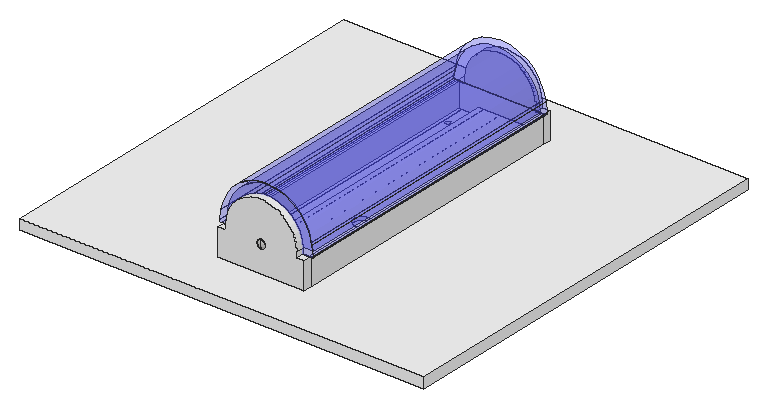
Revit family "BE_50222.1_de_DE", category Leuchten, Revit 2020
Family settings
  Basisbauteil = Fläche
  Bemaßung runder Anschluss = Durchmesser verwenden
  Teiletyp = Normal
  Beim Laden mit Abzugskörper schneiden = Ja
  Lichtquelle = Ja
  Gemeinsam genutzt = Nein
  Raumberechnungspunkt = Ja
Parameters (values of type "BEGA_50222.1_K27")
  built-in parameter 1150104 = 13.146 (stored number, unit not read)
  Wattage = 5.9 W
  Default Elevation = 0 mm
  built-in parameter 1150113 = 1 (stored number, unit not read)
  built-in parameter 1114218 = 1 (stored number, unit not read)
  Umgebungstemperatur = "25 °C"
  URL = "https://www.bega.com/de/produkt/50222.1"
  Typenkommentare = "© 2022 BEGA. Wir behalten uns das Recht vor, technische Änderungen ohne vorherige Ankündigung vorzunehmen."  # constant formula
  built-in parameter 1150134 = 12
  built-in parameter 1150109 = 1 (stored number, unit not read)
  Strom = ""
  built-in parameter 1150110 = 1 (stored number, unit not read)
  Spannung = 239.996 V
  Sonderanfertigung = no
  Seriennummer [instance] = "Hier können Sie die eindeutige Seriennummer für das Facility Management eintragen."
  Schutzklasse = "I"
  Schutzart = "IP 20"
  Scheinlast = 0 VA
  Produktdatenblatt = "https://cdn.bega.com/bega/products/50222.1K27/current/documents/data-sheets/de"
  Oberflächentemperatur = ""
  Neigungswinkel = 0.00°
  Modell = "50222.1K27"
  Material_17 = BEGA_Reflektor
  Material_15 = BEGA_Leuchtmedium_matt
  Material_14 = BEGA_Kunststoff_opal
  Material_11 = BEGA_Glas_opal
  Material_09 = BEGA_Glas_klar
  Material_06 = BEGA_Oberfläche_Edelstahl_gebürstet
  Material_05 = BEGA_Oberfläche_Aluminium Guss
  Material_03 = BEGA_Oberfläche_Weiss_matt
  Material_02 = BEGA_Oberfläche_Silber_matt
  Material_01 [instance] = BEGA_Oberfläche_Grafit_matt
  M_W = no
  M_G = no
  M_A = no
  Logo = 0
  built-in parameter 1114217 = 1 (stored number, unit not read)
  built-in parameter 1150139 = (empty or 0)
  built-in parameter 1150105 = 66.435 (stored number, unit not read)
  built-in parameter 1150114 = 1 (stored number, unit not read)
  Lumens = 834.85 lm
  built-in parameter 1150115 = 1 (stored number, unit not read)
  Leuchtenlichtstrom = "676 lm"
  Leuchtenanzahl = ""
  Lebensdauerkriterien = "L70B50 @ 25 °C = 200000 h"
  Lastklassifizierung = Beleuchtung
  built-in parameter 1150112 = 1 (stored number, unit not read)
  Lampenlichtstrom = "935 lm"
  Lampe = "LED 5.8 W"
  LED_Modulbezeichnung = "LED-0572/927"
  Hersteller = "BEGA"  # constant formula
  Halbstreuwinkel = ""
  Gewicht = "0.85 kg"
  Gebrauchslageneinschränkung [instance] = ""
  Frequenz = "0/50-60 Hz"
  Farbwiedergabeindex = "CRI > 90"
  Farbtemperaturverschiebung bei Dämpfen der Lampe = <Keine Auswahl>
  Farbtemperatur = "2700 K"
  Color Filter = 16777215
  built-in parameter 1150133 = 10 (stored number, unit not read)
  Energieeffizienzklasse = "LED A++ - A"
  built-in parameter 1150137 = (empty or 0)
  built-in parameter 1150132 = (empty or 0)
  ENEC = "ja"
  Dimmbar [instance] = "on/off"
  Datei für fotometrisches Netz = "BE_50222.1K27.IES"
  CE_Konformität = "ja"
  Bestellnummer = "50222.1K27"
  Beschreibung_Sonderanfertigung = "Hier können Sie Informationen zur Sonderanfertigung eintragen."
  Beschreibung = "Wandleuchte"
  built-in parameter 1150106 = 0.66435 (stored number, unit not read)
  Befestigungsbohrung = "Ø 5 mm"
  Befestigungsabstand = "240 x 65 mm"
  Ballwurfsicher = ""
  BEGA_Intern_aus = yes
  BEGA_Intern_an = yes
  BEGA_Intern_Konstruktion = yes
  BEGA_Intern = yes
  BEGA_IES = yes
  BEGA_Dummy = no
  Anschlussleitung = ""
  Anschlussleistung [instance] = "7.8 W"
  Anschlusskasten = ""
  built-in parameter 1150107 = 4000 (stored number, unit not read)
  built-in parameter 1150102 = (empty or 0)
  built-in parameter 1150138 = (empty or 0)
  Aktualisierung = "2022-05-19T04:00:07"
  Abstand_zur_angestrahlten_Fläche [instance] = ""
  AC/DC = "AC/DC"
Types (3, lengths in mm): name | built-in parameter 1150104 | built-in parameter 1150134 | Modell | built-in parameter 1150105 | Lumens | Leuchtenlichtstrom | Lampenlichtstrom | LED_Modulbezeichnung | Farbtemperatur | Datei für fotometrisches Netz | Bestellnummer | built-in parameter 1150106 | built-in parameter 1150107
  BEGA_50222.1_K3 | 12.672 (stored number, unit not read) | (empty or 0) | "50222.1K3" | 64.041 (stored number, unit not read) | 804.76 lm | "698 lm" | "965 lm" | "LED-0572/930" | "3000 K" | "BE_50222.1K3.IES" | "50222.1K3" | 0.64041 (stored number, unit not read) | 3000 (stored number, unit not read)
  BEGA_50222.1_K4 | 13.146 (stored number, unit not read) | 12 | "50222.1K4" | 66.435 (stored number, unit not read) | 834.85 lm | "698 lm" | "965 lm" | "LED-0572/930" | "4000 K" | "BE_50222.1K4.IES" | "50222.1K4" | 0.66435 (stored number, unit not read) | 4000 (stored number, unit not read)
  BEGA_50222.1_K27 | 13.146 (stored number, unit not read) | 12 | "50222.1K27" | 66.435 (stored number, unit not read) | 834.85 lm | "676 lm" | "935 lm" | "LED-0572/927" | "2700 K" | "BE_50222.1K27.IES" | "50222.1K27" | 0.66435 (stored number, unit not read) | 4000 (stored number, unit not read)
Reference planes
  plane 1 "Mitte (Vorne/Hinten)": y = 0
  plane 2: z = 0
  plane 3 "Mitte (Links/Rechts)": x = 0
  plane 4 "Links": x = -46.429
  plane 5 "Rechts": x = 46.429
  plane 6 "Unten": y = -151.5
  plane 7 "Oben": y = 151.5
  plane 8 "Vorne": z = 76.8
  plane 9 "Hinten": z = 0
Forms (mm)
  Extrusion 1, solid, material "BEGA_Platte_Weiss"
    sketch origin (0, -1119.2, 0) x (1, 0, 0) y (0, 1, 0)
      loop
        line (-200, 1319.2) -> (-200, 919.2) -> (200, 919.2) -> (200, 1319.2) -> (-200, 1319.2)
    from 0 to -10
  Extrusion 2, solid, material "BEGA_Dummy_matt", visible <- "BEGA_Dummy"
    sketch origin (80.095, -76.023, 0) x (1, 0, 0) y (0, 1, 0)
      loop
        line (-126.525, 227.523) -> (-126.525, -75.477) -> (-33.666, -75.477) -> (-33.666, 227.523) -> (-126.525, 227.523)
    from 0 to 76.8
Dimensions and locks
  plane 1 "Mitte (Vorne/Hinten)" to Extrusion 1 = 200 mm
  aligned and locked: plane 2 to Extrusion 1
  aligned and locked: level to Extrusion 1
Nested families
  nested 1: "BE_50222.1" at (0, 0, 0) x (0, 1, 0) z (0, 0, 1), type "BE_50222.1"
Connectors
  electrical at (0, 0, 0), driven by "Lastklassifizierung", driven by "Spannung", driven by "Scheinlast"
    settings: index 1, voltage 239.996 V, apparent load 0 VA, apparent load phase1 0 VA, apparent load phase2 0 VA, apparent load phase3 0 VA, power factor 1, load classification "Beleuchtung", number of poles 1, system type 31, power factor state 1, is connector primary yes, connector utility no, sub classification motor no, connector description ""
Definition of nested family "BE_50222.1"
  Parameters (values of type "BE_50222.1")
    Default Elevation = 1 mm
    URL = "http://www.bega.de/de/produkt"
    Type Comments = "© 2015 BEGA. Wir behalten uns das Recht vor, technische Änderungen ohne vorherige Ankündigung vorzunehmen. "  # constant formula
    Type Image = (empty or 0)
    Neigungswinkel_um_Z2 = 0.00°
    Neigungswinkel_um_Z1 = 0.00°
    Neigungswinkel_um_Y2 = 0.00°
    Neigungswinkel_um_Y1 = 0.00°
    Neigungswinkel_um_X2 = 0.00°
    Neigungswinkel_um_X1 = 0.00°
    Material_17 = none
    Material_15 = none
    Material_14 = none
    Material_11 = none
    Material_09 = none
    Material_06 = none
    Material_05 = none
    Material_03 = none
    Material_02 = none
    Material_01 = none
    M_W = yes
    M_G = yes
    M_A = yes
    Länge_Platte = 500 mm  # constant formula
    Höhe_Platte = -10 mm  # constant formula
    Manufacturer = "BEGA"  # constant formula
    Drehwinkel_um_Z2 = 0.00°
    Drehwinkel_um_Z1 = 0.00°
    Breite_Platte = 200 mm  # constant formula
  Reference planes
    plane 1 "Mitte (Oben/Unten)": y = 0
    plane 2: z = 0
    plane 3 "Mitte (Links/Rechts)": x = 0
    plane 4: x = -151.5
    plane 5: z = 76.8
    plane 6: x = 151.5
    plane 7: y = -46.429
    plane 8: y = 46.429
  Forms (mm)
    Extrusion 1, solid, detail levels medium
      sketch origin (0, 0, 0) x (1, 0, 0) y (0, 1, 0)
        loop
          line (-250, 100) -> (-250, -100) -> (250, -100) -> (250, 100) -> (-250, 100)
      from 0 to -10 <- "Höhe_Platte"
    Extrusion 2, solid, material <- "Material_11", detail levels medium+fine
      sketch origin (0, 0, 0) x (0, 1, 0) y (0, 0, 1)
        loop
          line (-45.002, 38.016) -> (-46.407, 28.597)
          arc (-46.407, 28.597) -> (-45.945, 26.995) -> (-44.429, 26.291) r 2
          line (-44.429, 26.291) -> (44.429, 26.3)
          arc (44.429, 26.3) -> (45.945, 26.995) -> (46.407, 28.597) r 2
          line (46.407, 28.597) -> (45.002, 38.016)
          arc (45.002, 38.016) -> (0, 76.8) -> (-45.002, 38.016) r 45.5
        loop
          line (-42.69, 29.791) -> (42.69, 29.791) -> (41.54, 37.499)
          arc (41.54, 37.499) -> (0, 73.3) -> (-41.54, 37.499) r 42
          line (-41.54, 37.499) -> (-42.69, 29.791)
      from -145 to 145
    Extrusion 3, solid, material <- "Material_03", detail levels medium+fine
      sketch origin (0, 0, 0) x (0, 1, 0) y (0, 0, -1)
        loop
          line (42.55, -26.291) -> (42.55, 0) -> (-42.55, 0) -> (-42.55, -26.3) -> (-34.8, -26.3) -> (-34.8, -31.3)
          arc (-34.8, -31.3) -> (0, -66.1) -> (34.8, -31.3) r 34.8
          line (34.8, -31.3) -> (34.8, -26.291) -> (42.55, -26.291)
      from 144 to 151.5
    Revolve 4, void
      sketch origin (0, 0, 0) x (1, 0, 0) y (0, 0, 1)
        loop
          line (-149.134, 28.034) -> (-152.247, 31.146) -> (-152.247, 26.3) -> (-149.134, 26.3) -> (-149.134, 28.034)
        axis (-149.134, 26.3) -> (-152.247, 26.3)
      angle from 0 to 360
    Revolve 5, solid, material <- "Material_06", detail levels fine
      sketch origin (0, 0, 0) x (1, 0, 0) y (0, 0, 1)
        loop
          arc (-151.428, 30.178) -> (-152.212, 28.307) -> (-152.5, 26.3) r 8
          line (-152.5, 26.3) -> (-149.417, 26.3) -> (-149.417, 28.167) -> (-151.428, 30.178)
        axis (-152.5, 26.3) -> (-149.417, 26.3)
      angle from 0 to 360
    Extrusion 6, void
      sketch origin (0, 0, 0) x (1, 0, 0) y (0, 1, 0)
        loop
          circle (-54, -22.014) r 8.532
        loop
          circle (120.02, -32.5) r 2.5
        loop
          circle (120.02, 32.5) r 2.5
        loop
          circle (-120.02, -32.5) r 2.5
        loop
          circle (-120.02, 32.5) r 2.5
      from 0 to 10.983
    Extrusion 7, solid, material <- "Material_03", detail levels medium+fine
      sketch origin (0, 0, 0) x (0, 1, 0) y (0, 0, 1)
        loop
          arc (38.75, 1) -> (39.75, 0.732) -> (40.482, 0) r 2
          line (40.482, 0) -> (42.55, 0) -> (42.55, 26) -> (40.75, 26) -> (40.75, 2.8) -> (20.75, 2.8) -> (20.75, 10.5) -> (-39.75, 10.5)
          arc (-39.75, 10.5) -> (-40.457, 10.793) -> (-40.75, 11.5) r 1
          line (-40.75, 11.5) -> (-40.75, 26) -> (-42.55, 26) -> (-42.55, 0) -> (-40.75, 0) -> (-40.75, 6)
          arc (-40.75, 6) -> (-40.164, 7.414) -> (-38.75, 8) r 2
          line (-38.75, 8) -> (-5.45, 8) -> (-5.45, 0) -> (-3.65, 0) -> (-3.65, 6.5)
          arc (-3.65, 6.5) -> (-3.357, 7.207) -> (-2.65, 7.5) r 1
          line (-2.65, 7.5) -> (2.65, 7.5)
          arc (2.65, 7.5) -> (3.357, 7.207) -> (3.65, 6.5) r 1
          line (3.65, 6.5) -> (3.65, 0) -> (5.45, 0) -> (5.45, 7)
          arc (5.45, 7) -> (5.743, 7.707) -> (6.45, 8) r 1
          line (6.45, 8) -> (17.95, 8)
          arc (17.95, 8) -> (18.657, 7.707) -> (18.95, 7) r 1
          line (18.95, 7) -> (18.95, 1) -> (38.75, 1)
      from -144 to 144.036
    Extrusion 8, solid, material <- "Material_03", detail levels medium+fine
      sketch origin (0, 0, 0) x (0, 1, 0) y (0, 0, 1)
        loop
          line (42.55, 26.291) -> (34.8, 26.291) -> (34.8, 31.3)
          arc (34.8, 31.3) -> (0, 66.1) -> (-34.8, 31.3) r 34.8
          line (-34.8, 31.3) -> (-34.8, 26.3) -> (-42.55, 26.3) -> (-42.55, 0) -> (42.55, 0) -> (42.55, 26.291)
      from 144.036 to 151.5
    Extrusion 9, solid, material <- "Material_11", detail levels medium+fine
      sketch origin (0, 0, 0) x (0, 1, 0) y (0, 0, 1)
        loop
          arc (44.013, 37.868) -> (0, 75.8) -> (-44.013, 37.868) r 44.5
          line (-44.013, 37.868) -> (-45.59, 27.3) -> (45.59, 27.3) -> (44.013, 37.868)
      from 140.495 to 145
    Extrusion 10, solid, material <- "Material_11", detail levels medium+fine
      sketch origin (0, 0, 0) x (0, 1, 0) y (0, 0, -1)
        loop
          line (44.013, -37.868) -> (45.59, -27.3) -> (-45.59, -27.3) -> (-44.013, -37.868)
          arc (-44.013, -37.868) -> (0, -75.8) -> (44.013, -37.868) r 44.5
      from 140.495 to 145
    Extrusion 11, solid, material <- "Material_14", detail levels medium+fine
      sketch origin (0, 0, 0) x (0, 1, 0) y (0, 0, 1)
        loop
          line (42.55, 21.7) -> (42.55, 5.4) -> (46.05, 5.4) -> (46.05, 21.7) -> (42.55, 21.7)
      from -85.25 to -58.75
    Extrusion 12, solid, material <- "Material_14", detail levels medium+fine
      sketch origin (0, 0, 0) x (1, 0, 0) y (0, 1, 0)
        loop
          arc (-77.62, 52.133) -> (-78.907, 52.361) -> (-79.884, 51.494) r 1.5
          arc (-79.884, 51.494) -> (-80.696, 48.826) -> (-80.97, 46.05) r 14.179
          line (-80.97, 46.05) -> (-62.977, 46.05)
          arc (-62.977, 46.05) -> (-63.422, 47.007) -> (-64.388, 47.434) r 1.5
          arc (-64.388, 47.434) -> (-71.341, 48.836) -> (-77.62, 52.133) r 25
      from 9.55 to 17.55
  Cuts and joins
    Extrusion 6 cuts Extrusion 2
    joined: Extrusion 2, Extrusion 9, Extrusion 10
    Revolve 4, Extrusion 6 cuts Extrusion 3
    joined: Extrusion 3, Extrusion 8
    Extrusion 6 cuts Extrusion 7
    joined: Extrusion 11, Extrusion 12
  Dimensions and locks
    equal spacing: Extrusion 1 sketch curve, plane 3 "Mitte (Links/Rechts)", Extrusion 1 sketch curve
    equal spacing: Extrusion 1 sketch curve, plane 1 "Mitte (Oben/Unten)", Extrusion 1 sketch curve
    "Länge_Platte": Extrusion 1 sketch curve to Extrusion 1 sketch curve
    "Breite_Platte": Extrusion 1 sketch curve to Extrusion 1 sketch curve
    aligned and locked: Extrusion 1 to plane 2
    aligned and locked: level to Extrusion 1
  Automatic sketch dimensions
    Extrusion 2 sketch curve to plane 1 "Mitte (Oben/Unten)" = 0 mm
    Extrusion 2 sketch curve to Extrusion 2 sketch curve = 1.978 mm  (x2)
    level to Extrusion 2 sketch curve = 28.3 mm
    Extrusion 2 sketch curve to Extrusion 2 sketch curve = 0.297 mm  (x2)
    level to Extrusion 2 sketch curve = 31.3 mm
    Extrusion 2 sketch curve to Extrusion 2 sketch curve = 9.419 mm
    Extrusion 2 sketch curve to Extrusion 2 sketch curve = 0 mm  (x4)
    Extrusion 2 sketch curve to Extrusion 2 sketch curve = 0.009 mm
    Extrusion 3 sketch curve to level = 0 mm
    Extrusion 3 sketch curve to plane 1 "Mitte (Oben/Unten)" = 0 mm
    Extrusion 3 sketch curve to Extrusion 3 sketch curve = 7.75 mm  (x2)
    Extrusion 3 sketch curve to Extrusion 3 sketch curve = 26.291 mm
    Extrusion 3 sketch curve to Extrusion 3 sketch curve = 26.3 mm
    Extrusion 3 sketch curve to Extrusion 3 sketch curve = 5 mm
    Revolve 4 sketch curve to Revolve 4 sketch curve = 3.112 mm  (x2)
    level to Revolve 4 sketch curve = 26.3 mm
    Revolve 4 sketch curve to Revolve 4 sketch curve = 1.734 mm
    Revolve 4 sketch curve to Revolve 4 sketch curve = 0 mm  (x2)
    Revolve 4 sketch curve to Revolve 4 sketch curve = 0.612 mm
    Revolve 5 sketch curve to Revolve 5 sketch curve = 1.072 mm
    Revolve 5 sketch curve to Revolve 5 sketch curve = 2.011 mm
    Revolve 5 sketch curve to Revolve 5 sketch curve = 4.916 mm
    level to Revolve 5 sketch curve = 26.175 mm
    Revolve 5 sketch curve to Revolve 5 sketch curve = 0.125 mm
    Revolve 5 sketch curve to Revolve 5 sketch curve = 1.867 mm
    Revolve 5 sketch curve to Revolve 5 sketch curve = 0.801 mm
    Revolve 5 sketch curve to Revolve 5 sketch curve = 0.011 mm
    Revolve 5 sketch curve to Revolve 5 sketch curve = 0 mm
    plane 1 "Mitte (Oben/Unten)" to Extrusion 6 sketch curve = 22.014 mm
    Extrusion 6 sketch curve to plane 3 "Mitte (Links/Rechts)" = 54 mm
    Extrusion 7 sketch curve to level = 0 mm  (x4)
    Extrusion 7 sketch curve to Extrusion 7 sketch curve = 1.8 mm  (x6)
    Extrusion 7 sketch curve to Extrusion 7 sketch curve = 1 mm  (x5)
    plane 1 "Mitte (Oben/Unten)" to Extrusion 7 sketch curve = 5.45 mm
    Extrusion 7 sketch curve to plane 1 "Mitte (Oben/Unten)" = 2.65 mm
    Extrusion 7 sketch curve to plane 1 "Mitte (Oben/Unten)" = 3.65 mm
    Extrusion 7 sketch curve to Extrusion 7 sketch curve = 11.5 mm
    level to Extrusion 7 sketch curve = 1 mm
    Extrusion 7 sketch curve to Extrusion 7 sketch curve = 2.8 mm
    Extrusion 7 sketch curve to Extrusion 7 sketch curve = 1.732 mm
    Extrusion 7 sketch curve to Extrusion 7 sketch curve = 2 mm
    level to Extrusion 7 sketch curve = 6 mm
    Extrusion 7 sketch curve to Extrusion 7 sketch curve = 1.5 mm
    Extrusion 7 sketch curve to Extrusion 7 sketch curve = 0.5 mm
    Extrusion 7 sketch curve to Extrusion 7 sketch curve = 2.5 mm
    Extrusion 7 sketch curve to Extrusion 7 sketch curve = 14.5 mm
    Extrusion 7 sketch curve to Extrusion 7 sketch curve = 23.2 mm
    Extrusion 8 sketch curve to level = 0 mm
    Extrusion 8 sketch curve to plane 1 "Mitte (Oben/Unten)" = 0 mm
    Extrusion 8 sketch curve to Extrusion 8 sketch curve = 7.75 mm  (x2)
    level to Extrusion 8 sketch curve = 26.291 mm
    level to Extrusion 8 sketch curve = 26.3 mm
    Extrusion 8 sketch curve to Extrusion 8 sketch curve = 5.009 mm
    Extrusion 9 sketch curve to plane 1 "Mitte (Oben/Unten)" = 0 mm
    level to Extrusion 9 sketch curve = 27.3 mm
    level to Extrusion 9 sketch curve = 31.3 mm
    Extrusion 9 sketch curve to Extrusion 9 sketch curve = 0 mm  (x3)
    Extrusion 9 sketch curve to Extrusion 9 sketch curve = 10.568 mm  (x2)
    Extrusion 10 sketch curve to plane 1 "Mitte (Oben/Unten)" = 0 mm
    level to Extrusion 10 sketch curve = 31.3 mm
    level to Extrusion 10 sketch curve = 27.3 mm
    Extrusion 10 sketch curve to Extrusion 10 sketch curve = 0 mm  (x4)
    Extrusion 10 sketch curve to Extrusion 10 sketch curve = 10.568 mm
    Extrusion 2 sketch curve to Extrusion 2 sketch curve = 1.739 mm  (x2)
    Extrusion 2 sketch curve to Extrusion 2 sketch curve = 1.195 mm  (x2)
    Extrusion 2 sketch curve to Extrusion 2 sketch curve = 0.517 mm  (x2)
    Extrusion 2 sketch curve to Extrusion 2 sketch curve = 3.462 mm
    Extrusion 11 sketch curve to Extrusion 11 sketch curve = 3.5 mm
    level to Extrusion 11 sketch curve = 5.4 mm
    Extrusion 11 sketch curve to Extrusion 11 sketch curve = 16.3 mm
    Extrusion 12 sketch curve to Extrusion 12 sketch curve = 1.385 mm
    Extrusion 12 sketch curve to Extrusion 12 sketch curve = 2.319 mm
    Extrusion 12 sketch curve to Extrusion 12 sketch curve = 1.5 mm
    Extrusion 12 sketch curve to Extrusion 12 sketch curve = 0.114 mm  (x2)
    Extrusion 12 sketch curve to Extrusion 12 sketch curve = 0 mm  (x2)
    Extrusion 12 sketch curve to Extrusion 12 sketch curve = 0.085 mm
    Extrusion 12 sketch curve to Extrusion 12 sketch curve = 1.496 mm
    Revolve 4 sketch curve to plane 3 "Mitte (Links/Rechts)" = 152.247 mm
    Revolve 5 sketch curve to plane 3 "Mitte (Links/Rechts)" = 152.5 mm
    Extrusion 6 sketch curve to Extrusion 6 sketch curve = 66.02 mm
    Extrusion 6 sketch curve to Extrusion 6 sketch curve = 0 mm  (x2)
    Extrusion 12 sketch curve to plane 3 "Mitte (Links/Rechts)" = 80.97 mm
    plane 3 "Mitte (Links/Rechts)" to Extrusion 6 sketch curve = 120.02 mm
    level to Extrusion 2 sketch curve = 37.499 mm
    Extrusion 2 sketch curve to Extrusion 2 sketch curve = 1.15 mm  (x2)
    Extrusion 6 sketch curve to plane 1 "Mitte (Oben/Unten)" = 32.5 mm  (x2)
    Extrusion 7 sketch curve to Extrusion 7 sketch curve = 18 mm
    Extrusion 9 sketch curve to plane 1 "Mitte (Oben/Unten)" = 45.59 mm
    Extrusion 9 sketch curve to Extrusion 9 sketch curve = 1.577 mm  (x2)
    Extrusion 10 sketch curve to plane 1 "Mitte (Oben/Unten)" = 45.59 mm
    Extrusion 10 sketch curve to Extrusion 10 sketch curve = 1.577 mm  (x2)
    Extrusion 11 sketch curve to plane 1 "Mitte (Oben/Unten)" = 42.55 mm
    Extrusion 12 sketch curve to Extrusion 12 sketch curve = 2.472 mm
    Extrusion 12 sketch curve to Extrusion 12 sketch curve = 11.707 mm
    Extrusion 12 sketch curve to plane 1 "Mitte (Oben/Unten)" = 45.936 mm
    Extrusion 12 sketch curve to Extrusion 12 sketch curve = 24.96 mm
    Extrusion 12 sketch curve to Extrusion 12 sketch curve = 0.879 mm
    plane 1 "Mitte (Oben/Unten)" to Extrusion 2 sketch curve = 41.54 mm
    plane 1 "Mitte (Oben/Unten)" to Extrusion 3 sketch curve = 34.8 mm
    plane 1 "Mitte (Oben/Unten)" to Extrusion 6 sketch curve = 32.5 mm  (x2)
    Extrusion 7 sketch curve to Extrusion 7 sketch curve = 33.3 mm
    plane 1 "Mitte (Oben/Unten)" to Extrusion 8 sketch curve = 34.8 mm
    plane 1 "Mitte (Oben/Unten)" to Extrusion 9 sketch curve = 45.59 mm
    plane 1 "Mitte (Oben/Unten)" to Extrusion 10 sketch curve = 45.59 mm
    radius of Extrusion 6 sketch curve = 8.532 mm
    radius of Extrusion 6 sketch curve = 2.5 mm  (x4)
